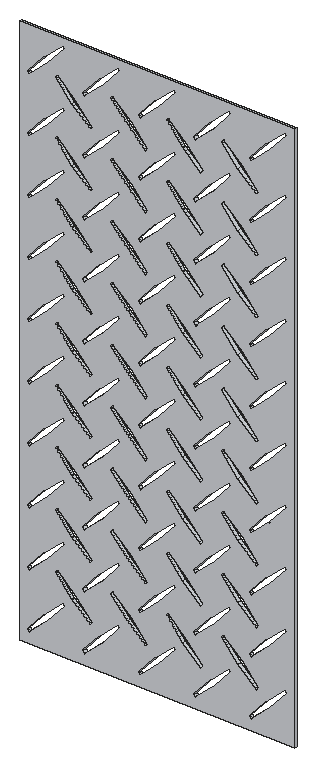
Revit family "J2 PET Felt Room Divider Diamond Plate", category Specialty Equipment, Revit 2022
Family settings
  Round Connector Dimension = Use Diameter
  Part Type = Normal
  Work Plane-Based = No
  Always vertical = Yes
  Cut with Voids When Loaded = No
  Maintain Annotation Orientation = No
  Shared = No
  Room Calculation Point = No
Parameters
  URL = "https://www.j2systems.net/"
  Style Number = "RDDIPL"  # constant formula
  Symbol Name = "RDDIPL"  # constant formula
  Release Date = "2019"  # constant formula
  Product Line = "Room Divider"  # constant formula
  Model = "Diamond Plate"  # constant formula
  Manufacturer = "J2 Systems"  # constant formula
  Keynote = ""
  Felt Color = none
  Default Elevation = 0' - 0"
Reference planes (in)
  plane 1 "Center (Front/Back)": y = 0
  plane 2: z = 0
  plane 3 "Center (Left/Right)": x = 0
Forms (in)
  Extrusion 1, solid, material <- "Felt Color"
    sketch origin (0, 0, 0) x (1, 0, 0) y (0, 0, 1)
      loop
        line (-23.5, 0) -> (23.5, 0) -> (23.5, 95) -> (-23.5, 95) -> (-23.5, 0)
      loop
        line (-21.82306, 1.90716) -> (-18.6567, 4.72118) -> (-15.84278, 7.88741) -> (-16.19509, 8.23973) -> (-19.36146, 5.42573) -> (-22.1754, 2.2595) -> (-21.82306, 1.90716)
      loop
        line (-11.09117, 7.01216) -> (-13.9052, 10.17853) -> (-17.07142, 12.99245) -> (-17.42374, 12.64013) -> (-14.60974, 9.47377) -> (-11.44351, 6.65983) -> (-11.09117, 7.01216)
      loop
        line (-12.31877, 1.90716) -> (-9.15241, 4.72118) -> (-6.33849, 7.88741) -> (-6.6908, 8.23973) -> (-9.85717, 5.42573) -> (-12.67111, 2.2595) -> (-12.31877, 1.90716)
      loop
        line (-1.58688, 7.01216) -> (-4.40091, 10.17853) -> (-7.56713, 12.99245) -> (-7.91945, 12.64013) -> (-5.10545, 9.47377) -> (-1.93922, 6.65983) -> (-1.58688, 7.01216)
      loop
        line (-2.81446, 1.90716) -> (0.3519, 4.72118) -> (3.16583, 7.88741) -> (2.81351, 8.23973) -> (-0.35286, 5.42573) -> (-3.1668, 2.2595) -> (-2.81446, 1.90716)
      loop
        line (7.91743, 7.01216) -> (5.10341, 10.17853) -> (1.93718, 12.99245) -> (1.58486, 12.64013) -> (4.39886, 9.47377) -> (7.56509, 6.65983) -> (7.91743, 7.01216)
      loop
        line (6.68985, 1.90716) -> (9.85622, 4.72118) -> (12.67014, 7.88741) -> (12.31782, 8.23973) -> (9.15146, 5.42573) -> (6.33752, 2.2595) -> (6.68985, 1.90716)
      loop
        line (17.42174, 7.01216) -> (14.60772, 10.17853) -> (11.44149, 12.99245) -> (11.08918, 12.64013) -> (13.90318, 9.47377) -> (17.06941, 6.65983) -> (17.42174, 7.01216)
      loop
        line (16.19416, 1.90716) -> (19.36053, 4.72118) -> (22.17445, 7.88741) -> (21.82213, 8.23973) -> (18.65577, 5.42573) -> (15.84183, 2.2595) -> (16.19416, 1.90716)
      loop
        line (-21.82306, 11.41153) -> (-18.6567, 14.22555) -> (-15.84278, 17.39178) -> (-16.19509, 17.74409) -> (-19.36146, 14.93009) -> (-22.1754, 11.76386) -> (-21.82306, 11.41153)
      loop
        line (-11.09117, 16.51653) -> (-13.9052, 19.68289) -> (-17.07142, 22.49682) -> (-17.42374, 22.1445) -> (-14.60974, 18.97813) -> (-11.44351, 16.16419) -> (-11.09117, 16.51653)
      loop
        line (-12.31877, 11.41153) -> (-9.15241, 14.22555) -> (-6.33849, 17.39178) -> (-6.6908, 17.74409) -> (-9.85717, 14.93009) -> (-12.67111, 11.76386) -> (-12.31877, 11.41153)
      loop
        line (-1.58688, 16.51653) -> (-4.40091, 19.68289) -> (-7.56713, 22.49682) -> (-7.91945, 22.1445) -> (-5.10545, 18.97813) -> (-1.93922, 16.16419) -> (-1.58688, 16.51653)
      loop
        line (-2.81446, 11.41153) -> (0.3519, 14.22555) -> (3.16583, 17.39178) -> (2.81351, 17.74409) -> (-0.35286, 14.93009) -> (-3.1668, 11.76386) -> (-2.81446, 11.41153)
      loop
        line (7.91743, 16.51653) -> (5.10341, 19.68289) -> (1.93718, 22.49682) -> (1.58486, 22.1445) -> (4.39886, 18.97813) -> (7.56509, 16.16419) -> (7.91743, 16.51653)
      loop
        line (6.68985, 11.41153) -> (9.85622, 14.22555) -> (12.67014, 17.39178) -> (12.31782, 17.74409) -> (9.15146, 14.93009) -> (6.33752, 11.76386) -> (6.68985, 11.41153)
      loop
        line (17.42174, 16.51653) -> (14.60772, 19.68289) -> (11.44149, 22.49682) -> (11.08918, 22.1445) -> (13.90318, 18.97813) -> (17.06941, 16.16419) -> (17.42174, 16.51653)
      loop
        line (16.19416, 11.41153) -> (19.36053, 14.22555) -> (22.17445, 17.39178) -> (21.82213, 17.74409) -> (18.65577, 14.93009) -> (15.84183, 11.76386) -> (16.19416, 11.41153)
      loop
        line (-21.82306, 20.91542) -> (-18.6567, 23.72944) -> (-15.84278, 26.89567) -> (-16.19509, 27.24799) -> (-19.36146, 24.43399) -> (-22.1754, 21.26776) -> (-21.82306, 20.91542)
      loop
        line (-11.09117, 26.02042) -> (-13.9052, 29.18679) -> (-17.07142, 32.00071) -> (-17.42374, 31.64839) -> (-14.60974, 28.48203) -> (-11.44351, 25.66809) -> (-11.09117, 26.02042)
      loop
        line (-12.31877, 20.91542) -> (-9.15241, 23.72944) -> (-6.33849, 26.89567) -> (-6.6908, 27.24799) -> (-9.85717, 24.43399) -> (-12.67111, 21.26776) -> (-12.31877, 20.91542)
      loop
        line (-1.58688, 26.02042) -> (-4.40091, 29.18679) -> (-7.56713, 32.00071) -> (-7.91945, 31.64839) -> (-5.10545, 28.48203) -> (-1.93922, 25.66809) -> (-1.58688, 26.02042)
      loop
        line (-2.81446, 20.91542) -> (0.3519, 23.72944) -> (3.16583, 26.89567) -> (2.81351, 27.24799) -> (-0.35286, 24.43399) -> (-3.1668, 21.26776) -> (-2.81446, 20.91542)
      loop
        line (7.91743, 26.02042) -> (5.10341, 29.18679) -> (1.93718, 32.00071) -> (1.58486, 31.64839) -> (4.39886, 28.48203) -> (7.56509, 25.66809) -> (7.91743, 26.02042)
      loop
        line (6.68985, 20.91542) -> (9.85622, 23.72944) -> (12.67014, 26.89567) -> (12.31782, 27.24799) -> (9.15146, 24.43399) -> (6.33752, 21.26776) -> (6.68985, 20.91542)
      loop
        line (17.42174, 26.02042) -> (14.60772, 29.18679) -> (11.44149, 32.00071) -> (11.08918, 31.64839) -> (13.90318, 28.48203) -> (17.06941, 25.66809) -> (17.42174, 26.02042)
      loop
        line (16.19416, 20.91542) -> (19.36053, 23.72944) -> (22.17445, 26.89567) -> (21.82213, 27.24799) -> (18.65577, 24.43399) -> (15.84183, 21.26776) -> (16.19416, 20.91542)
      loop
        line (-21.82306, 30.41979) -> (-18.6567, 33.23381) -> (-15.84278, 36.40004) -> (-16.19509, 36.75235) -> (-19.36146, 33.93835) -> (-22.1754, 30.77212) -> (-21.82306, 30.41979)
      loop
        line (-11.09117, 35.52479) -> (-13.9052, 38.69116) -> (-17.07142, 41.50508) -> (-17.42374, 41.15276) -> (-14.60974, 37.98639) -> (-11.44351, 35.17245) -> (-11.09117, 35.52479)
      loop
        line (-12.31877, 30.41979) -> (-9.15241, 33.23381) -> (-6.33849, 36.40004) -> (-6.6908, 36.75235) -> (-9.85717, 33.93835) -> (-12.67111, 30.77212) -> (-12.31877, 30.41979)
      loop
        line (-1.58688, 35.52479) -> (-4.40091, 38.69116) -> (-7.56713, 41.50508) -> (-7.91945, 41.15276) -> (-5.10545, 37.98639) -> (-1.93922, 35.17245) -> (-1.58688, 35.52479)
      loop
        line (-2.81446, 30.41979) -> (0.3519, 33.23381) -> (3.16583, 36.40004) -> (2.81351, 36.75235) -> (-0.35286, 33.93835) -> (-3.1668, 30.77212) -> (-2.81446, 30.41979)
      loop
        line (7.91743, 35.52479) -> (5.10341, 38.69116) -> (1.93718, 41.50508) -> (1.58486, 41.15276) -> (4.39886, 37.98639) -> (7.56509, 35.17245) -> (7.91743, 35.52479)
      loop
        line (6.68985, 30.41979) -> (9.85622, 33.23381) -> (12.67014, 36.40004) -> (12.31782, 36.75235) -> (9.15146, 33.93835) -> (6.33752, 30.77212) -> (6.68985, 30.41979)
      loop
        line (17.42174, 35.52479) -> (14.60772, 38.69116) -> (11.44149, 41.50508) -> (11.08918, 41.15276) -> (13.90318, 37.98639) -> (17.06941, 35.17245) -> (17.42174, 35.52479)
      loop
        line (16.19416, 30.41979) -> (19.36053, 33.23381) -> (22.17445, 36.40004) -> (21.82213, 36.75235) -> (18.65577, 33.93835) -> (15.84183, 30.77212) -> (16.19416, 30.41979)
      loop
        line (-21.82306, 39.92413) -> (-18.6567, 42.73815) -> (-15.84278, 45.90438) -> (-16.19509, 46.25669) -> (-19.36146, 43.44269) -> (-22.1754, 40.27646) -> (-21.82306, 39.92413)
      loop
        line (-11.09117, 45.02913) -> (-13.9052, 48.19549) -> (-17.07142, 51.00942) -> (-17.42374, 50.6571) -> (-14.60974, 47.49073) -> (-11.44351, 44.67679) -> (-11.09117, 45.02913)
      loop
        line (-12.31877, 39.92413) -> (-9.15241, 42.73815) -> (-6.33849, 45.90438) -> (-6.6908, 46.25669) -> (-9.85717, 43.44269) -> (-12.67111, 40.27646) -> (-12.31877, 39.92413)
      loop
        line (-1.58688, 45.02913) -> (-4.40091, 48.19549) -> (-7.56713, 51.00942) -> (-7.91945, 50.6571) -> (-5.10545, 47.49073) -> (-1.93922, 44.67679) -> (-1.58688, 45.02913)
      loop
        line (-2.81446, 39.92413) -> (0.3519, 42.73815) -> (3.16583, 45.90438) -> (2.81351, 46.25669) -> (-0.35286, 43.44269) -> (-3.1668, 40.27646) -> (-2.81446, 39.92413)
      loop
        line (7.91743, 45.02913) -> (5.10341, 48.19549) -> (1.93718, 51.00942) -> (1.58486, 50.6571) -> (4.39886, 47.49073) -> (7.56509, 44.67679) -> (7.91743, 45.02913)
      loop
        line (6.68985, 39.92413) -> (9.85622, 42.73815) -> (12.67014, 45.90438) -> (12.31782, 46.25669) -> (9.15146, 43.44269) -> (6.33752, 40.27646) -> (6.68985, 39.92413)
      loop
        line (17.42174, 45.02913) -> (14.60772, 48.19549) -> (11.44149, 51.00942) -> (11.08918, 50.6571) -> (13.90318, 47.49073) -> (17.06941, 44.67679) -> (17.42174, 45.02913)
      loop
        line (16.19416, 39.92413) -> (19.36053, 42.73815) -> (22.17445, 45.90438) -> (21.82213, 46.25669) -> (18.65577, 43.44269) -> (15.84183, 40.27646) -> (16.19416, 39.92413)
      loop
        line (-21.82306, 49.42849) -> (-18.6567, 52.24252) -> (-15.84278, 55.40874) -> (-16.19509, 55.76106) -> (-19.36146, 52.94706) -> (-22.1754, 49.78083) -> (-21.82306, 49.42849)
      loop
        line (-11.09117, 54.5335) -> (-13.9052, 57.69986) -> (-17.07142, 60.51378) -> (-17.42374, 60.16147) -> (-14.60974, 56.9951) -> (-11.44351, 54.18116) -> (-11.09117, 54.5335)
      loop
        line (-12.31877, 49.42849) -> (-9.15241, 52.24252) -> (-6.33849, 55.40874) -> (-6.6908, 55.76106) -> (-9.85717, 52.94706) -> (-12.67111, 49.78083) -> (-12.31877, 49.42849)
      loop
        line (-1.58688, 54.5335) -> (-4.40091, 57.69986) -> (-7.56713, 60.51378) -> (-7.91945, 60.16147) -> (-5.10545, 56.9951) -> (-1.93922, 54.18116) -> (-1.58688, 54.5335)
      loop
        line (-2.81446, 49.42849) -> (0.3519, 52.24252) -> (3.16583, 55.40874) -> (2.81351, 55.76106) -> (-0.35286, 52.94706) -> (-3.1668, 49.78083) -> (-2.81446, 49.42849)
      loop
        line (7.91743, 54.5335) -> (5.10341, 57.69986) -> (1.93718, 60.51378) -> (1.58486, 60.16147) -> (4.39886, 56.9951) -> (7.56509, 54.18116) -> (7.91743, 54.5335)
      loop
        line (6.68985, 49.42849) -> (9.85622, 52.24252) -> (12.67014, 55.40874) -> (12.31782, 55.76106) -> (9.15146, 52.94706) -> (6.33752, 49.78083) -> (6.68985, 49.42849)
      loop
        line (17.42174, 54.5335) -> (14.60772, 57.69986) -> (11.44149, 60.51378) -> (11.08918, 60.16147) -> (13.90318, 56.9951) -> (17.06941, 54.18116) -> (17.42174, 54.5335)
      loop
        line (16.19416, 49.42849) -> (19.36053, 52.24252) -> (22.17445, 55.40874) -> (21.82213, 55.76106) -> (18.65577, 52.94706) -> (15.84183, 49.78083) -> (16.19416, 49.42849)
      loop
        line (-21.82306, 58.93286) -> (-18.6567, 61.74688) -> (-15.84278, 64.91311) -> (-16.19509, 65.26543) -> (-19.36146, 62.45143) -> (-22.1754, 59.2852) -> (-21.82306, 58.93286)
      loop
        line (-11.09117, 64.03786) -> (-13.9052, 67.20423) -> (-17.07142, 70.01815) -> (-17.42374, 69.66583) -> (-14.60974, 66.49947) -> (-11.44351, 63.68553) -> (-11.09117, 64.03786)
      loop
        line (-12.31877, 58.93286) -> (-9.15241, 61.74688) -> (-6.33849, 64.91311) -> (-6.6908, 65.26543) -> (-9.85717, 62.45143) -> (-12.67111, 59.2852) -> (-12.31877, 58.93286)
      loop
        line (-1.58688, 64.03786) -> (-4.40091, 67.20423) -> (-7.56713, 70.01815) -> (-7.91945, 69.66583) -> (-5.10545, 66.49947) -> (-1.93922, 63.68553) -> (-1.58688, 64.03786)
      loop
        line (-2.81446, 58.93286) -> (0.3519, 61.74688) -> (3.16583, 64.91311) -> (2.81351, 65.26543) -> (-0.35286, 62.45143) -> (-3.1668, 59.2852) -> (-2.81446, 58.93286)
      loop
        line (7.91743, 64.03786) -> (5.10341, 67.20423) -> (1.93718, 70.01815) -> (1.58486, 69.66583) -> (4.39886, 66.49947) -> (7.56509, 63.68553) -> (7.91743, 64.03786)
      loop
        line (6.68985, 58.93286) -> (9.85622, 61.74688) -> (12.67014, 64.91311) -> (12.31782, 65.26543) -> (9.15146, 62.45143) -> (6.33752, 59.2852) -> (6.68985, 58.93286)
      loop
        line (17.42174, 64.03786) -> (14.60772, 67.20423) -> (11.44149, 70.01815) -> (11.08918, 69.66583) -> (13.90318, 66.49947) -> (17.06941, 63.68553) -> (17.42174, 64.03786)
      loop
        line (16.19416, 58.93286) -> (19.36053, 61.74688) -> (22.17445, 64.91311) -> (21.82213, 65.26543) -> (18.65577, 62.45143) -> (15.84183, 59.2852) -> (16.19416, 58.93286)
      loop
        line (-21.82306, 68.4372) -> (-18.6567, 71.25122) -> (-15.84278, 74.41745) -> (-16.19509, 74.76977) -> (-19.36146, 71.95577) -> (-22.1754, 68.78953) -> (-21.82306, 68.4372)
      loop
        line (-11.09117, 73.5422) -> (-13.9052, 76.70857) -> (-17.07142, 79.52249) -> (-17.42374, 79.17017) -> (-14.60974, 76.00381) -> (-11.44351, 73.18987) -> (-11.09117, 73.5422)
      loop
        line (-12.31877, 68.4372) -> (-9.15241, 71.25122) -> (-6.33849, 74.41745) -> (-6.6908, 74.76977) -> (-9.85717, 71.95577) -> (-12.67111, 68.78953) -> (-12.31877, 68.4372)
      loop
        line (-1.58688, 73.5422) -> (-4.40091, 76.70857) -> (-7.56713, 79.52249) -> (-7.91945, 79.17017) -> (-5.10545, 76.00381) -> (-1.93922, 73.18987) -> (-1.58688, 73.5422)
      loop
        line (-2.81446, 68.4372) -> (0.3519, 71.25122) -> (3.16583, 74.41745) -> (2.81351, 74.76977) -> (-0.35286, 71.95577) -> (-3.1668, 68.78953) -> (-2.81446, 68.4372)
      loop
        line (7.91743, 73.5422) -> (5.10341, 76.70857) -> (1.93718, 79.52249) -> (1.58486, 79.17017) -> (4.39886, 76.00381) -> (7.56509, 73.18987) -> (7.91743, 73.5422)
      loop
        line (6.68985, 68.4372) -> (9.85622, 71.25122) -> (12.67014, 74.41745) -> (12.31782, 74.76977) -> (9.15146, 71.95577) -> (6.33752, 68.78953) -> (6.68985, 68.4372)
      loop
        line (17.42174, 73.5422) -> (14.60772, 76.70857) -> (11.44149, 79.52249) -> (11.08918, 79.17017) -> (13.90318, 76.00381) -> (17.06941, 73.18987) -> (17.42174, 73.5422)
      loop
        line (16.19416, 68.4372) -> (19.36053, 71.25122) -> (22.17445, 74.41745) -> (21.82213, 74.76977) -> (18.65577, 71.95577) -> (15.84183, 68.78953) -> (16.19416, 68.4372)
      loop
        line (-21.82306, 77.94157) -> (-18.6567, 80.75559) -> (-15.84278, 83.92182) -> (-16.19509, 84.27413) -> (-19.36146, 81.46013) -> (-22.1754, 78.2939) -> (-21.82306, 77.94157)
      loop
        line (-11.09117, 83.04657) -> (-13.9052, 86.21293) -> (-17.07142, 89.02686) -> (-17.42374, 88.67454) -> (-14.60974, 85.50817) -> (-11.44351, 82.69423) -> (-11.09117, 83.04657)
      loop
        line (-12.31877, 77.94157) -> (-9.15241, 80.75559) -> (-6.33849, 83.92182) -> (-6.6908, 84.27413) -> (-9.85717, 81.46013) -> (-12.67111, 78.2939) -> (-12.31877, 77.94157)
      loop
        line (-1.58688, 83.04657) -> (-4.40091, 86.21293) -> (-7.56713, 89.02686) -> (-7.91945, 88.67454) -> (-5.10545, 85.50817) -> (-1.93922, 82.69423) -> (-1.58688, 83.04657)
      loop
        line (-2.81446, 77.94157) -> (0.3519, 80.75559) -> (3.16583, 83.92182) -> (2.81351, 84.27413) -> (-0.35286, 81.46013) -> (-3.1668, 78.2939) -> (-2.81446, 77.94157)
      loop
        line (7.91743, 83.04657) -> (5.10341, 86.21293) -> (1.93718, 89.02686) -> (1.58486, 88.67454) -> (4.39886, 85.50817) -> (7.56509, 82.69423) -> (7.91743, 83.04657)
      loop
        line (6.68985, 77.94157) -> (9.85622, 80.75559) -> (12.67014, 83.92182) -> (12.31782, 84.27413) -> (9.15146, 81.46013) -> (6.33752, 78.2939) -> (6.68985, 77.94157)
      loop
        line (17.42174, 83.04657) -> (14.60772, 86.21293) -> (11.44149, 89.02686) -> (11.08918, 88.67454) -> (13.90318, 85.50817) -> (17.06941, 82.69423) -> (17.42174, 83.04657)
      loop
        line (16.19416, 77.94157) -> (19.36053, 80.75559) -> (22.17445, 83.92182) -> (21.82213, 84.27413) -> (18.65577, 81.46013) -> (15.84183, 78.2939) -> (16.19416, 77.94157)
      loop
        line (-21.82306, 87.44593) -> (-18.6567, 90.25996) -> (-15.84278, 93.42618) -> (-16.19509, 93.7785) -> (-19.36146, 90.9645) -> (-22.1754, 87.79827) -> (-21.82306, 87.44593)
      loop
        line (-12.31877, 87.44593) -> (-9.15241, 90.25996) -> (-6.33849, 93.42618) -> (-6.6908, 93.7785) -> (-9.85717, 90.9645) -> (-12.67111, 87.79827) -> (-12.31877, 87.44593)
      loop
        line (-2.81446, 87.44593) -> (0.3519, 90.25996) -> (3.16583, 93.42618) -> (2.81351, 93.7785) -> (-0.35286, 90.9645) -> (-3.1668, 87.79827) -> (-2.81446, 87.44593)
      loop
        line (6.68985, 87.44593) -> (9.85622, 90.25996) -> (12.67014, 93.42618) -> (12.31782, 93.7785) -> (9.15146, 90.9645) -> (6.33752, 87.79827) -> (6.68985, 87.44593)
      loop
        line (16.19416, 87.44593) -> (19.36053, 90.25996) -> (22.17445, 93.42618) -> (21.82213, 93.7785) -> (18.65577, 90.9645) -> (15.84183, 87.79827) -> (16.19416, 87.44593)
    from 0.25 to -0.25
Dimensions and locks (in)
  aligned and locked: level to plane 2
